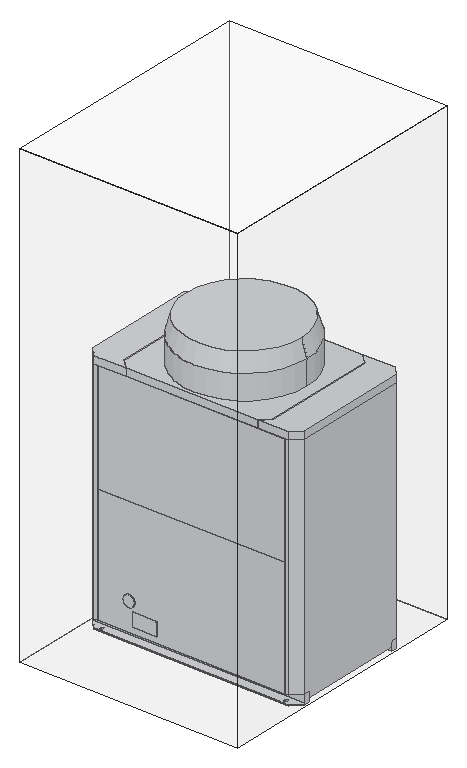
Revit family "pury-rp224_850(s)cmg4_50Hz", category 機械設備, Revit 2019
Family settings
  丸型コネクタ寸法 = 直径を使用
  パーツ タイプ = 標準
  OmniClass 番号 = 23.75.10.24.21.27.27
  OmniClass タイトル = Split System Air Conditioning Units
  作業面ベース = いいえ
  常に垂直 = はい
  ロード時にボイドで切り取り = いいえ
  共有 = いいえ
  部屋計算ポイント = いいえ
Parameters (values of type "PURY-RP224CMG4")
  音響パワーレベル(dB) = 79.5
  電源種別 = ""
  電源径 = 65 mm  # constant formula
  電圧 = 200 V
  電動機出力_送風機 = 0.92 kW
  電動機出力_圧縮機 = 5.4 kW
  集中コントローラ [instance] = ""
  運転質量 = 0.00 kg
  運転方法 = "冷暖切替"
  質量 = 0.00 kg
  負荷分類 = 1_熱源類
  説明 = "ビル用マルチエアコン 室外ユニット リプレースマルチR2 Eeco"
  設計暖房能力 [instance] = 0 kW
  設計冷房能力_顕熱 [instance] = 0 kW
  設計冷房能力 [instance] = 0 kW
  設置方法 = "床置形"
  記号 [instance] = ""
  製造元 = "三菱電機株式会社"
  製品質量 = 270.00 kg
  製品出荷対象 = "国内"
  製品リリース年月 = "2016年6月1日"
  製品グループ = ""
  系統 [instance] = ""
  符号 = "EHP"
  積算_科目 = "1 空気調和設備"
  積算_拾い区分 [instance] = ""
  相 = 3
  盤記号 [instance] = ""
  発停方法 = "付属スイッチ"
  特殊仕様 [instance] = ""
  消費電力_暖房 = 6.44 kW
  消費電力_冷房 = 5.74 kW
  消費電力 = if(消費電力_冷房 > 消費電力_暖房, 消費電力_冷房, 消費電力_暖房)  # 6.44 kW
  法定耐用年数 = "15"
  機械基礎質量 [instance] = 0.00 kg
  機械基礎_W = 0 mm
  機械基礎_H = 0 mm
  機械基礎_D = 0 mm
  機械基礎 [instance] = no
  極数 = 3
  材質 [instance] = ""
  本体マテリアル = none
  最小電線太さ_mm2 = 8
  最大電流値 = 0 A
  暖房能力 = 25 kW
  推奨ブレーカー容量 = 40 A
  形式 = "マルチパッケージ形 室外機"
  幹線記号 [instance] = ""
  始動方式 = "直入"
  呼称 = "マルチパッケージ形空気調和機"
  周波数 = 50 Hz
  参照している仕様書等のバージョン = "公共建築工事標準仕様書（機械設備工事編）平成31年度版"
  分類コード = "50053003300020"
  分類グループ = ""
  冷房能力 = 22.4 kW
  冷媒管長 [instance] = 0 mm
  冷媒管径符号 = "Eg"
  冷媒管径 = 100 mm  # constant formula
  冷媒液管径 = 19.05 mm
  冷媒ガス管径 = 25.4 mm
  価格 = 0
  企業コード = "108420"
  付属品 [instance] = ""
  仕様書バージョン = "Version1.0"
  ユニット数 = 1
  ユニット2電源高さ = ユニット1電源高さ  # 217 mm
  ユニット2電源幅 = ユニット1電源幅  # 251 mm
  ユニット2ダクト左位置 = ユニット1ダクト左位置  # 271 mm
  ユニット2ダクト下位置 = ユニット1ダクト下位置  # 90 mm
  ユニット2冷媒高圧径 = 19.05 mm
  ユニット2冷媒管高さ = ユニット1冷媒管高さ  # 261 mm
  ユニット2冷媒管幅 = ユニット1冷媒管幅  # 342.5 mm
  ユニット2冷媒管奥行き = ユニット1冷媒管奥行き  # 145 mm
  ユニット2冷媒低圧径 = 25.4 mm
  ユニット2表示 = no
  ユニット1電源高さ = 217 mm  # constant formula
  ユニット1電源幅 = 251 mm  # constant formula
  ユニット1ダクト左位置 = 271 mm  # constant formula
  ユニット1ダクト下位置 = 90 mm  # constant formula
  ユニット1冷媒高圧径 = 19.05 mm
  ユニット1冷媒管高さ = 261 mm  # constant formula
  ユニット1冷媒管幅 = 342.5 mm  # constant formula
  ユニット1冷媒管奥行き = 145 mm  # constant formula
  ユニット1冷媒低圧径 = 25.4 mm
  モデル = "PURY-RP224CMG4"
  ダクト高 = 77 mm  # constant formula
  ダクト幅 = 140 mm  # constant formula
  サービススペース_タイプA = yes
  サービススペース = yes
  ユニット間隔 = if(サービススペース_タイプA, 30 mm, 100 mm)  # 30 mm
  コメント [instance] = ""
  Keynote = ""
  Width = 1220 mm
  Version = ""
  Uniclass2015Version = "Systems v1.9"
  Uniclass2015Title = "Split coil remote air cooled condensing units"
  Uniclass2015Code = "Pr_70_65_03_84"
  URL = "https://www.mitsubishielectric.co.jp/ldg/wink/ssl/displayProduct.do?pid=266864"
  SpecificationReference = ""
  SpecificationDescription = ""
  S_W = if(ユニット2表示, Width * 2 + Clearance Left + Clearance Right + ユニット間隔, Width + Clearance Left + Clearance Right)  # 1250 mm
  Revision = ""
  ProductInformation = ""
  OmniClassCode = "23-33 17 13 11"
  IfcTypeProduct = ""
  IfcProduct = ""
  IfcExportType = "AIRCONDITIONINGUNIT"
  IfcExportAs = "IfcUnitaryEquipmentType"
  Height = 1650 mm
  Depth = 760 mm
  Clearance Top = if(サービススペース_タイプA, 1000 mm, 1000 mm)  # 1000 mm
  Clearance Right = if(サービススペース_タイプA, 15 mm, 50 mm)  # 15 mm
  Clearance Left = if(サービススペース_タイプA, 15 mm, 50 mm)  # 15 mm
  Clearance Front = if(サービススペース_タイプA, 450 mm, 450 mm)  # 450 mm
  Clearance Back = if(サービススペース_タイプA, 300 mm, 100 mm)  # 300 mm
  COP = 0
  Author = "三菱電機株式会社"
  APF = 0
Types (17, lengths in mm): name | 音響パワーレベル(dB) | 電動機出力_送風機 | 電動機出力_圧縮機 | 製品質量 | 消費電力_暖房 | 消費電力_冷房 | 消費電力 | 最小電線太さ_mm2 | 暖房能力 | 推奨ブレーカー容量 | 呼称 | 冷房能力 | 冷媒管径符号 | 冷媒液管径 | 冷媒ガス管径 | ユニット数 | ユニット2冷媒低圧径 | ユニット2表示 | ユニット1冷媒高圧径 | ユニット1冷媒低圧径 | モデル | URL | S_W
  PURY-RP224CMG4 | 79.5 | 0.92 kW | 5.4 kW | 270.00 kg | 6.44 kW | 5.74 kW | 6.44 kW | 8 | 25 kW | 40 A | "マルチパッケージ形空気調和機" | 22.4 kW | "Eg" | 19.05 | 25.4 | 1 | 25.4 | no | 19.05 | 25.4 | "PURY-RP224CMG4" | "https://www.mitsubishielectric.co.jp/ldg/wink/ssl/displayProduct.do?pid=266864" | 1250
  PURY-RP280CMG4 | 80.5 | 0.92 kW | 6.8 kW | 285.00 kg | 8.04 kW | 7.85 kW | 8.04 kW | 14 | 31.5 kW | 50 A | "マルチパッケージ形空気調和機_室外機" | 28 kW | "Eh" | 19.05 | 28.58 | 1 | 28.58 | no | 19.05 | 28.58 | "PURY-RP280CMG4" | "https://www.mitsubishielectric.co.jp/ldg/wink/ssl/displayProduct.do?pid=266644" | 1250
  PURY-RP335CMG4 | 82.5 | 0.92 kW | 7.8 kW | 285.00 kg | 9.68 kW | 8.88 kW | 9.68 kW | 22 | 37.5 kW | 60 A | "マルチパッケージ形空気調和機_室外機" | 33.5 kW | "Eh" | 19.05 | 28.58 | 1 | 28.58 | no | 19.05 | 28.58 | "PURY-RP335CMG4" | "https://www.mitsubishielectric.co.jp/ldg/wink/ssl/displayProduct.do?pid=266647" | 1250
  PURY-RP400CMG4 | 83.5 | 0.92 kW | 9.9 kW | 290.00 kg | 12.74 kW | 13.2 kW | 13.2 kW | 22 | 45 kW | 60 A | "マルチパッケージ形空気調和機_室外機" | 40 kW | "Eh" | 19.05 | 28.58 | 1 | 28.58 | no | 19.05 | 28.58 | "PURY-RP400CMG4" | "https://www.mitsubishielectric.co.jp/ldg/wink/ssl/displayProduct.do?pid=266689" | 1250
  PURY-RP450SCMG4 | 82.5 | 1.84 kW | 10.8 kW | 550.00 kg | 12.88 kW | 11.87 kW | 12.88 kW | 22 | 50 kW | 0 A | "マルチパッケージ形空気調和機_室外機" | 45 kW | "Gi" | 25.4 | 31.75 | 2 | 25.4 | yes | 19.05 | 25.4 | "PURY-RP450SCMG4" | "https://www.mitsubishielectric.co.jp/ldg/wink/ssl/displayProduct.do?pid=266648" | 2500
  PURY-RP500SCMG4 | 83 | 1.84 kW | 12.2 kW | 565.00 kg | 14.35 kW | 13.66 kW | 14.35 kW | 38 | 56 kW | 0 A | "マルチパッケージ形空気調和機_室外機" | 50 kW | "Gk" | 25.4 | 38.1 | 2 | 25.4 | yes | 19.05 | 25.4 | "PURY-RP500SCMG4" | "https://www.mitsubishielectric.co.jp/ldg/wink/ssl/displayProduct.do?pid=266695" | 2500
  PURY-RP560SCMG4 | 83.5 | 1.84 kW | 13.6 kW | 580.00 kg | 16.11 kW | 16.09 kW | 16.11 kW | 38 | 63 kW | 0 A | "マルチパッケージ形空気調和機_室外機" | 56 kW | "Gk" | 25.4 | 38.1 | 2 | 28.58 | yes | 19.05 | 28.58 | "PURY-RP560SCMG4" | "https://www.mitsubishielectric.co.jp/ldg/wink/ssl/displayProduct.do?pid=266698" | 2500
  PURY-RP630SCMG4 | 84.5 | 1.84 kW | 14.6 kW | 580.00 kg | 17.73 kW | 17.5 kW | 17.73 kW | 38 | 69 kW | 0 A | "マルチパッケージ形空気調和機_室外機" | 63 kW | "Gk" | 25.4 | 38.1 | 2 | 28.58 | yes | 19.05 | 28.58 | "PURY-RP630SCMG4" | "https://www.mitsubishielectric.co.jp/ldg/wink/ssl/displayProduct.do?pid=266701" | 2500
  PURY-RP690SCMG4 | 85.5 | 1.84 kW | 15.6 kW | 580.00 kg | 19.76 kW | 18.69 kW | 19.76 kW | 60 | 76.5 kW | 0 A | "マルチパッケージ形空気調和機_室外機" | 69 kW | "Gk" | 25.4 | 38.1 | 2 | 28.58 | yes | 19.05 | 28.58 | "PURY-RP690SCMG4" | "https://www.mitsubishielectric.co.jp/ldg/wink/ssl/displayProduct.do?pid=266704" | 2500
  PURY-RP730SCMG4 | 86 | 1.84 kW | 17.7 kW | 580.00 kg | 22.39 kW | 22.32 kW | 22.39 kW | 60 | 81.5 kW | 0 A | "マルチパッケージ形空気調和機_室外機" | 73 kW | "Gm" | 25.4 | 44.45 | 2 | 28.58 | yes | 19.05 | 28.58 | "PURY-RP730SCMG4" | "https://www.mitsubishielectric.co.jp/ldg/wink/ssl/displayProduct.do?pid=266707" | 2500
  PURY-RP800SCMG4 | 86.5 | 1.84 kW | 19.8 kW | 580.00 kg | 24.92 kW | 26.75 kW | 26.75 kW | 60 | 88 kW | 0 A | "マルチパッケージ形空気調和機_室外機" | 80 kW | "Hm" | 28.58 | 44.45 | 2 | 28.58 | yes | 19.05 | 28.58 | "PURY-RP800SCMG4" | "https://www.mitsubishielectric.co.jp/ldg/wink/ssl/displayProduct.do?pid=266710" | 2500
  PURY-RP850SCMG4 | 87 | 1.84 kW | 20.1 kW | 580.00 kg | 26.98 kW | 28.91 kW | 28.91 kW | 100 | 95 kW | 0 A | "マルチパッケージ形空気調和機_室外機" | 85 kW | "Hm" | 28.58 | 44.45 | 2 | 28.58 | yes | 22.2 | 28.58 | "PURY-RP850SCMG4" | "https://www.mitsubishielectric.co.jp/ldg/wink/ssl/displayProduct.do?pid=266713" | 2500
  PURY-RP224SCMG4 | 79.5 | 0.92 kW | 5.4 kW | 270.00 kg | 6.44 kW | 5.74 kW | 6.44 kW | 8 | 25 kW | 40 A | "マルチパッケージ形空気調和機_室外機" | 22.4 kW | "Eg" | 19.05 | 25.4 | 1 | 25.4 | no | 19.05 | 28.58 | "PURY-RP224SCMG4" | "https://www.mitsubishielectric.co.jp/ldg/wink/ssl/displayProduct.do?pid=266716" | 1250
  PURY-RP280SCMG4 | 80.5 | 0.92 kW | 6.8 kW | 285.00 kg | 8.04 kW | 7.85 kW | 8.04 kW | 14 | 31.5 kW | 50 A | "マルチパッケージ形空気調和機_室外機" | 28 kW | "Eh" | 19.05 | 28.58 | 1 | 28.58 | no | 19.05 | 28.58 | "PURY-RP280SCMG4" | "https://www.mitsubishielectric.co.jp/ldg/wink/ssl/displayProduct.do?pid=266719" | 1250
  PURY-RP335SCMG4 | 82.5 | 0.92 kW | 7.8 kW | 285.00 kg | 9.68 kW | 8.88 kW | 9.68 kW | 22 | 37.5 kW | 60 A | "マルチパッケージ形空気調和機_室外機" | 33.5 kW | "Eh" | 19.05 | 28.58 | 1 | 28.58 | no | 19.05 | 28.58 | "PURY-RP335SCMG4" | "https://www.mitsubishielectric.co.jp/ldg/wink/ssl/displayProduct.do?pid=266638" | 1250
  PURY-RP400SCMG4 | 83.5 | 0.92 kW | 9.9 kW | 290.00 kg | 12.74 kW | 13.2 kW | 13.2 kW | 22 | 45 kW | 60 A | "マルチパッケージ形空気調和機_室外機" | 40 kW | "Eh" | 19.05 | 28.58 | 1 | 28.58 | no | 19.05 | 28.58 | "PURY-RP400SCMG4" | "https://www.mitsubishielectric.co.jp/ldg/wink/ssl/displayProduct.do?pid=266641" | 1250
  PURY-RP450KCMG4 | 82.5 | 0.92 kW | 5.4 kW | 550.00 kg | 12.88 kW | 11.87 kW | 12.88 kW | 22 | 50 kW | 0 A | "マルチパッケージ形空気調和機_室外機" | 45 kW | "Gi" | 25.4 | 31.75 | 2 | 28.58 | no | 22.2 | 28.58 | "PURY-RP450KCMG4" | "https://www.mitsubishielectric.co.jp/ldg/wink/ssl/displayProduct.do?pid=266648" | 1250
Reference planes
  plane 1: z = 0
  plane 2: z = 1650
  plane 3: z = 2650
  plane 4 "中心(正面/背面)": y = 380
  plane 5 "中心(左/右)": x = 1860
  plane 6 "左": x = 0
  plane 7 "正面": y = 0
  plane 8 "背面": y = 760
  plane 9: x = 1220
  plane 10: x = 1250
  plane 11: x = 2470
  plane 12: y = 1060
  plane 13: y = -450
  plane 14: x = -15
  plane 15: x = 1235
  plane 16: x = 610
  plane 17: x = 1220
Dimensions and locks
  "Clearance Top": plane 3 to plane 2
  equal spacing: plane 7 "正面", plane 4 "中心(正面/背面)", plane 8 "背面"
  "Width": plane 6 "左" to plane 9
  "Width": plane 10 to plane 11
  "ユニット間隔": plane 9 to plane 10
  "Clearance Back": plane 12 to plane 8 "背面"
  "Clearance Front": plane 13 to plane 7 "正面"
  "Clearance Left": plane 14 to plane 6 "左"
  "Depth": plane 7 "正面" to plane 8 "背面"
  equal spacing: plane 6 "左", plane 16, plane 9
  equal spacing: plane 10, plane 5 "中心(左/右)", plane 11
  "Height": plane 2 to level
  "Clearance Right": plane 17 to plane 15
  "S_W": plane 14 to plane 15
  aligned and locked: level to plane 1
  aligned and locked: plane 16 to nested 1
  aligned and locked: plane 4 "中心(正面/背面)" to nested 1
  aligned and locked: plane 5 "中心(左/右)" to nested 2
  aligned and locked: plane 4 "中心(正面/背面)" to nested 2
  aligned and locked: plane 15 to nested 3
  aligned and locked: nested 3 to plane 13
  aligned and locked: plane 14 to nested 3
  aligned and locked: nested 3 to plane 12
  aligned and locked: plane 3 to nested 3
Nested families
  nested 1: "PURY-RP-CMG" at (610, 380, 0), マテリアル1 <- "本体マテリアル", ①-H <- "ユニット1ダクト下位置", ①-W <- "ユニット1ダクト左位置", ①配管用-H <- "ダクト高", ①配管用-W <- "ダクト幅", 冷媒径 <- "冷媒管径", 高圧径 <- "ユニット1冷媒高圧径", 低圧径 <- "ユニット1冷媒低圧径", 電源径 <- "電源径", 電源-W <- "ユニット1電源幅", 電源-H <- "ユニット1電源高さ", type "PURY-RP-CMG"
    with 高圧径 19.05 mm, 高圧-W 301 mm, 高圧-H 261 mm, 高圧-D 145 mm, 高 1650 mm, 電源径 65 mm, 電源-W 251 mm, 電源-H 217 mm, 表示 yes, 幅 1220 mm, 奥行 760 mm, 吊りボルト径 14 mm, 吊りボルト-W 1060 mm, 吊りボルト-D 724 mm, 冷媒径 100 mm, 低圧径 25.4 mm, 低圧-W 83 mm, 低圧-H 263 mm, 低圧-D 145 mm, マテリアル2 none, マテリアル1 none, ドレン径 200 mm, ドレン-W 200 mm, ドレン-H 200 mm, ドレン-D 200 mm, ①配管用-W 140 mm, ①配管用-H 77 mm, ①-W 271 mm, ①-H 90 mm
  nested 2: "PURY-RP-CMG" at (1860, 380, 0), 表示 <- "ユニット2表示", マテリアル1 <- "本体マテリアル", ①-H <- "ユニット2ダクト下位置", ①-W <- "ユニット2ダクト左位置", ①配管用-H <- "ダクト高", ①配管用-W <- "ダクト幅", 冷媒径 <- "冷媒管径", 高圧径 <- "ユニット2冷媒高圧径", 低圧径 <- "ユニット1冷媒低圧径", 電源径 <- "電源径", 電源-W <- "ユニット2電源幅", 電源-H <- "ユニット2電源高さ", type "PURY-RP-CMG"
    with 高圧径 19.05 mm, 高圧-W 301 mm, 高圧-H 261 mm, 高圧-D 145 mm, 高 1650 mm, 電源径 65 mm, 電源-W 251 mm, 電源-H 217 mm, 表示 no, 幅 1220 mm, 奥行 760 mm, 吊りボルト径 14 mm, 吊りボルト-W 1060 mm, 吊りボルト-D 724 mm, 冷媒径 100 mm, 低圧径 25.4 mm, 低圧-W 83 mm, 低圧-H 263 mm, 低圧-D 145 mm, マテリアル2 none, マテリアル1 none, ドレン径 200 mm, ドレン-W 200 mm, ドレン-H 200 mm, ドレン-D 200 mm, ①配管用-W 140 mm, ①配管用-H 77 mm, ①-W 271 mm, ①-H 90 mm
  nested 3: "サービススペース" at (610, 305, 1325), visible <- "サービススペース", type "サービススペース"
    with Width 1250 mm, Height 2650 mm, Depth 1510 mm
Connectors
  hvac at (1591, -1, 128.5), driven by "ダクト高", driven by "ダクト幅"
    settings: on nested 2, index 1, duct flow 0.0 L/s, flow factor 0, pres drop 0.0 Pa, loss coef 0, conn angle 0.00°, conn width 140 mm, conn height 77 mm, conn diameter 609.6 mm, duct sys type 3, conn prof type 1, flow config 1, flow direction 2, loss method 4, conn ref index -1, conn util no, is conn primary yes, conn desc ""
  hvac at (341, -1, 128.5), driven by "ダクト高", driven by "ダクト幅"
    settings: on nested 1, index 2, duct flow 0.0 L/s, flow factor 0, pres drop 0.0 Pa, loss coef 0, conn angle 0.00°, conn width 140 mm, conn height 77 mm, conn diameter 609.6 mm, duct sys type 3, conn prof type 1, flow config 1, flow direction 2, loss method 4, conn ref index -1, conn util no, is conn primary no, conn desc ""
  electrical at (251, -1, 217), driven by "極数", driven by "負荷分類", driven by "電圧", driven by "消費電力"
    settings: on nested 1, index 3, voltage 200 V, apparent load 6440 VA, apparent load phase1 0 VA, apparent load phase2 0 VA, apparent load phase3 0 VA, power factor 1, load classification "1_熱源類", number of poles 3, system type 30, power factor state 1, is connector primary yes, connector utility no, sub classification motor no, connector description ""
  electrical at (1501, -1, 217), driven by "極数", driven by "負荷分類", driven by "電圧", driven by "消費電力"
    settings: on nested 2, index 4, voltage 200 V, apparent load 6440 VA, apparent load phase1 0 VA, apparent load phase2 0 VA, apparent load phase3 0 VA, power factor 1, load classification "1_熱源類", number of poles 3, system type 30, power factor state 1, is connector primary no, connector utility no, sub classification motor no, connector description ""
  piping at (1592.5, 145, 261), diameter 100, driven by "冷媒管径", driven by "冷媒管径符号"
    settings: on nested 2, index 5, connector inside diameter 609.6 mm, connector length 0 mm, flow factor 0, pipe flow 0.0 L/s, pressure drop 0.0 Pa, fitting loss kfactor 0, connector angle 0.00°, fixture units 0, engagement length 0 mm, angle of deflection 0.00°, flow configuration 1, flow direction 2, fitting loss method 4, system type 7, joint type 0, gender type 0, connector reference index -1, connector utility 0, adjustable connector no, is connector primary yes, connector description "Eg"
  piping at (342.5, 145, 261), diameter 100, driven by "冷媒管径", driven by "冷媒管径符号"
    settings: on nested 1, index 6, connector inside diameter 609.6 mm, connector length 0 mm, flow factor 0, pipe flow 0.0 L/s, pressure drop 0.0 Pa, fitting loss kfactor 0, connector angle 0.00°, fixture units 0, engagement length 0 mm, angle of deflection 0.00°, flow configuration 1, flow direction 2, fitting loss method 4, system type 7, joint type 0, gender type 0, connector reference index -1, connector utility 0, adjustable connector no, is connector primary no, connector description "Eg"
Definition of nested family "PURY-RP-CMG"
  Parameters (values of type "PURY-RP-CMG")
    高圧径 [instance] = 19.05 mm
    高圧-W [instance] = 301 mm
    高圧-H [instance] = 261 mm
    高圧-D [instance] = 145 mm
    高 [instance] = 1650 mm
    電源径 [instance] = 65 mm
    電源-W [instance] = 251 mm
    電源-H [instance] = 217 mm
    表示 [instance] = yes
    幅 [instance] = 1220 mm
    奥行 [instance] = 760 mm
    吊りボルト径 [instance] = 14 mm
    吊りボルト-W [instance] = 1060 mm
    吊りボルト-D [instance] = 724 mm
    冷媒径 [instance] = 100 mm
    低圧径 [instance] = 25.4 mm
    低圧-W [instance] = 83 mm
    低圧-H [instance] = 263 mm
    低圧-D [instance] = 145 mm
    マテリアル2 [instance] = none
    マテリアル1 [instance] = none
    ドレン径 [instance] = 200 mm
    ドレン-W [instance] = 200 mm
    ドレン-H [instance] = 200 mm
    ドレン-D [instance] = 200 mm
    ①配管用-W [instance] = 140 mm
    ①配管用-H [instance] = 77 mm
    ①-W [instance] = 271 mm
    ①-H [instance] = 90 mm
  Reference planes
    plane 1 "中心(正面/背面)": y = 0
    plane 2: z = 0
    plane 3 "中心(左/右)": x = 0
    plane 4: x = 610
    plane 5: x = -610
    plane 6: y = 380
    plane 7: y = -380
    plane 8: z = 1650
    plane 9: z = 732
    plane 10: z = 1410
    plane 11: z = 54
    plane 12: y = 362
    plane 13: y = -362
    plane 14: x = 530
    plane 15: x = -530
    plane 16: y = 300
    plane 17: y = -300
    plane 18: z = 90
    plane 19: x = -339
    plane 20: x = -359
    plane 21: z = 217
    plane 22: y = -235
    plane 23: x = -226
    plane 24: x = -309
    plane 25: z = 261
    plane 26: z = 361
    plane 27: z = 1370
    plane 28: z = 1550
    plane 29: z = 363
    plane 30: z = 263
    plane 31: x = -267.5
    plane 32: z = 20
    plane 33: y = -381
    plane 34: x = -199
    plane 35: z = 167
  Forms (mm)
    Extrusion 1, solid, material <- "マテリアル1", visible <- "表示", detail levels fine
      sketch origin (0, 0, 0) x (1, 0, 0) y (0, 1, 0)
        loop
          circle (-309, -235) r 9.525
      from 261 to 361
    Extrusion 2, solid, material <- "マテリアル1", visible <- "表示", detail levels fine
      sketch origin (0, 0, 0) x (1, 0, 0) y (0, 1, 0)
        loop
          line (-560, 380) -> (-610, 330) -> (-610, -330) -> (-560, -380) -> (-540, -380) -> (-540, 380) -> (-560, 380)
        loop
          line (560, -380) -> (610, -330) -> (610, 330) -> (560, 380) -> (540, 380) -> (540, -380) -> (560, -380)
      from 54 to 1370
    Extrusion 3, solid, material <- "マテリアル1", visible <- "表示", detail levels fine
      sketch origin (0, 0, 0) x (1, 0, 0) y (0, 1, 0)
        loop
          line (-610, 330) -> (-610, -330) -> (-560, -380) -> (-380, -380) -> (-430, -330) -> (-430, 330) -> (-380, 380) -> (-560, 380) -> (-610, 330)
        loop
          line (560, -380) -> (610, -330) -> (610, 330) -> (560, 380) -> (380, 380) -> (430, 330) -> (430, -330) -> (380, -380) -> (560, -380)
      from 1370 to 1410
    Extrusion 4, solid, material <- "マテリアル1", visible <- "表示", detail levels fine
      sketch origin (0, 0, 0) x (1, 0, 0) y (0, 1, 0)
        loop
          line (-430, -330) -> (-380, -380) -> (380, -380) -> (430, -330) -> (430, 330) -> (380, 380) -> (-380, 380) -> (-430, 330) -> (-430, -330)
      from 1370 to 1410
    Extrusion 5, solid, material <- "マテリアル1", visible <- "表示", detail levels fine
      sketch origin (-1437.329, -1524, 1410) x (-1, 0, 0) y (0, -1, 0)
        loop
          circle (-1437.329, -1524) r 360
      from 0 to 140
    Blend 6, solid, material <- "マテリアル1", visible <- "表示", detail levels fine
      base sketch origin (-1437.329, -1524, 1550) x (-1, 0, 0) y (0, -1, 0)
        loop
          circle (-1437.329, -1524) r 360
      top sketch origin (-1437.329, -1524, 1550) x (-1, 0, 0) y (0, -1, 0)
        loop
          circle (-1437.329, -1524) r 330
      from 0 to 100
    Extrusion 7, solid, material <- "マテリアル1", visible <- "表示", detail levels fine
      sketch origin (0, 0, -400) x (1, 0, 0) y (0, 1, 0)
        loop
          line (-540, -380) -> (540, -380) -> (540, 380) -> (-540, 380) -> (-540, -380)
      from 1132 to 1770
    Extrusion 8, solid, material <- "マテリアル1", visible <- "表示", detail levels fine
      sketch origin (0, 0, -800) x (1, 0, 0) y (0, 1, 0)
        loop
          line (-540, -380) -> (540, -380) -> (540, 380) -> (-540, 380) -> (-540, -380)
      from 854 to 1532
    Extrusion 9, solid, material <- "マテリアル1", visible <- "表示", detail levels fine
      sketch origin (0, 0, 0) x (1, 0, 0) y (0, 1, 0)
        loop
          line (-560, 380) -> (-610, 330) -> (-610, 300) -> (610, 300) -> (610, 330) -> (560, 380) -> (-560, 380)
        loop
          arc (537, 365) -> (530, 372) -> (523, 365) r 7
          line (523, 365) -> (523, 359)
          arc (523, 359) -> (530, 352) -> (537, 359) r 7
          line (537, 359) -> (537, 365)
        loop
          line (-560, -380) -> (560, -380) -> (610, -330) -> (610, -300) -> (-610, -300) -> (-610, -330) -> (-560, -380)
        loop
          line (537, -365) -> (537, -359)
          arc (537, -359) -> (530, -352) -> (523, -359) r 7
          line (523, -359) -> (523, -365)
          arc (523, -365) -> (530, -372) -> (537, -365) r 7
        loop
          line (-537, 365) -> (-537, 359)
          arc (-537, 359) -> (-530, 352) -> (-523, 359) r 7
          line (-523, 359) -> (-523, 365)
          arc (-523, 365) -> (-530, 372) -> (-537, 365) r 7
        loop
          arc (-537, -365) -> (-530, -372) -> (-523, -365) r 7
          line (-523, -365) -> (-523, -359)
          arc (-523, -359) -> (-530, -352) -> (-537, -359) r 7
          line (-537, -359) -> (-537, -365)
      from 0 to 5
    Extrusion 10, solid, material <- "マテリアル1", visible <- "表示", detail levels fine
      sketch origin (0, 0, 0) x (1, 0, 0) y (0, 1, 0)
        loop
          line (610, 300) -> (610, 325) -> (-610, 325) -> (-610, 300) -> (610, 300)
        loop
          line (610, -300) -> (-610, -300) -> (-610, -325) -> (610, -325) -> (610, -300)
      from 5 to 54
    Extrusion 11, solid, material <- "マテリアル1", visible <- "表示", detail levels fine
      sketch origin (0, 0, 0) x (0, 1, 0) y (0, 0, 1)
        loop
          line (-300, 54) -> (-300, 20) -> (300, 20) -> (300, 54) -> (-300, 54)
      from -610 to 610
    Extrusion 12, solid, material <- "マテリアル1", visible <- "表示", detail levels fine
      sketch origin (0, 0, 0) x (1, 0, 0) y (0, 1, 0)
        loop
          circle (-226, -235) r 12.7
      from 263 to 363
    Extrusion 13, solid, material <- "マテリアル1", visible <- "表示", detail levels fine
      sketch origin (-1437.329, -1524, 1650) x (-1, 0, 0) y (0, -1, 0)
        loop
          circle (-1169.829, -1289) r 50
      from -1389 to -1289
    Extrusion 14, solid, material <- "マテリアル1", visible <- "表示", detail levels fine
      sketch origin (0, 0, 0) x (1, 0, 0) y (0, 0, 1)
        loop
          circle (-359, 217) r 32.5
      from 380 to 381
    Extrusion 15, solid, material <- "マテリアル1", visible <- "表示", detail levels fine
      sketch origin (0, 0, 0) x (1, 0, 0) y (0, 0, 1)
        loop
          line (-199, 167) -> (-339, 167) -> (-339, 90) -> (-199, 90) -> (-199, 167)
      from 380 to 381
  Cuts and joins
    joined: Extrusion 2, Extrusion 11
    joined: Extrusion 9, Extrusion 10
  Lines and regions (mm)
    Masking region 1, visible <- "表示", detail levels coarse+medium
      outline origin (0, 0, 0) x (1, 0, 0) y (0, 1, 0)
        loop
          line (-560, 380) -> (-610, 330) -> (-610, -330) -> (-560, -380) -> (560, -380) -> (610, -330) -> (610, 330) -> (560, 380) -> (-560, 380)
    symbolic lines, visible <- "表示"
      curve 1: line (-560, 380, 0) -> (560, 380, 0)
      curve 2: line (-610, -330, 0) -> (-610, 330, 0)
      curve 3: line (560, -380, 0) -> (-560, -380, 0)
      curve 4: line (610, 330, 0) -> (610, -330, 0)
      curve 5: line (-560, 380, 0) -> (-610, 330, 0)
      curve 6: line (610, 330, 0) -> (560, 380, 0)
      curve 7: line (560, -380, 0) -> (610, -330, 0)
      curve 8: line (-610, -330, 0) -> (-560, -380, 0)
      curve 154: arc (-360, 0, 1650) -> (0, -360, 1650) -> (360, 0, 1650) r 360
      curve 155: arc (360, 0, 1650) -> (0, 360, 1650) -> (-360, 0, 1650) r 360
      curve 156: line (-430, 330, 1650) -> (-430, -330, 1650)
      curve 157: line (-430, -330, 1650) -> (-380, -380, 1650)
      curve 158: line (380, -380, 1650) -> (430, -330, 1650)
      curve 159: line (430, -330, 1650) -> (430, 330, 1650)
      curve 160: line (430, 330, 1650) -> (380, 380, 1650)
      curve 161: line (-380, 380, 1650) -> (-430, 330, 1650)
    model lines, visible <- "表示", detail levels fine
      curve 9: circle (0, 0, 1650) r 66 normal (0, 0, 1)
      curve 10: circle (0, 0, 1650) r 132 normal (0, 0, 1)
      curve 11: circle (0, 0, 1650) r 198 normal (0, 0, 1)
      curve 12: circle (0, 0, 1650) r 264 normal (0, 0, 1)
      curve 13: line (66, 0, 1650) -> (330, 0, 1650)
      curve 14: line (-66, 0, 1650) -> (-330, 0, 1650)
      curve 15: line (0, 66, 1650) -> (0, 330, 1650)
      curve 16: line (0, -66, 1650) -> (0, -330, 1650)
      curve 17: line (46.669, -46.669, 1650) -> (233.345, -233.345, 1650)
      curve 18: line (63.751, -17.082, 1650) -> (318.756, -85.41, 1650)
      curve 19: line (57.158, -33, 1650) -> (285.788, -165, 1650)
      curve 20: line (17.082, -63.751, 1650) -> (85.41, -318.756, 1650)
      curve 21: line (33, -57.158, 1650) -> (165, -285.788, 1650)
      curve 22: line (46.669, 46.669, 1650) -> (233.345, 233.345, 1650)
      curve 23: line (63.751, 17.082, 1650) -> (318.756, 85.41, 1650)
      curve 24: line (57.158, 33, 1650) -> (285.788, 165, 1650)
      curve 25: line (17.082, 63.751, 1650) -> (85.41, 318.756, 1650)
      curve 26: line (33, 57.158, 1650) -> (165, 285.788, 1650)
      curve 27: line (-46.669, 46.669, 1650) -> (-233.345, 233.345, 1650)
      curve 28: line (-63.751, 17.082, 1650) -> (-318.756, 85.41, 1650)
      curve 29: line (-57.158, 33, 1650) -> (-285.788, 165, 1650)
      curve 30: line (-17.082, 63.751, 1650) -> (-85.41, 318.756, 1650)
      curve 31: line (-33, 57.158, 1650) -> (-165, 285.788, 1650)
      curve 32: line (-46.669, -46.669, 1650) -> (-233.345, -233.345, 1650)
      curve 33: line (-63.751, -17.082, 1650) -> (-318.756, -85.41, 1650)
      curve 34: line (-57.158, -33, 1650) -> (-285.788, -165, 1650)
      curve 35: line (-17.082, -63.751, 1650) -> (-85.41, -318.756, 1650)
      curve 36: line (-33, -57.158, 1650) -> (-165, -285.788, 1650)
      curve 37: line (330, 0, 1650) -> (360, 0, 1550)
      curve 38: line (-330, 0, 1650) -> (-360, 0, 1550)
      curve 39: line (318.756, 85.41, 1650) -> (347.733, 93.175, 1550)
      curve 40: line (285.788, 165, 1650) -> (311.769, 180, 1550)
      curve 41: line (233.345, 233.345, 1650) -> (254.558, 254.558, 1550)
      curve 42: line (165, 285.788, 1650) -> (180, 311.769, 1550)
      curve 43: line (85.41, 318.756, 1650) -> (93.175, 347.733, 1550)
      curve 44: line (0, 330, 1650) -> (0, 360, 1550)
      curve 45: line (-85.41, 318.756, 1650) -> (-93.175, 347.733, 1550)
      curve 46: line (-165, 285.788, 1650) -> (-180, 311.769, 1550)
      curve 47: line (-233.345, 233.345, 1650) -> (-254.558, 254.558, 1550)
      curve 48: line (-285.788, 165, 1650) -> (-311.769, 180, 1550)
      curve 49: line (-318.756, 85.41, 1650) -> (-347.733, 93.175, 1550)
      curve 50: line (-330, 0, 1650) -> (-360, 0, 1550)
      curve 51: line (-318.756, -85.41, 1650) -> (-347.733, -93.175, 1550)
      curve 52: line (-285.788, -165, 1650) -> (-311.769, -180, 1550)
      curve 53: line (-233.345, -233.345, 1650) -> (-254.558, -254.558, 1550)
      curve 54: line (-165, -285.788, 1650) -> (-180, -311.769, 1550)
      curve 55: line (-85.41, -318.756, 1650) -> (-93.175, -347.733, 1550)
      curve 56: line (0, -330, 1650) -> (0, -360, 1550)
      curve 57: line (85.41, -318.756, 1650) -> (93.175, -347.733, 1550)
      curve 58: line (165, -285.788, 1650) -> (180, -311.769, 1550)
      curve 59: line (233.345, -233.345, 1650) -> (254.558, -254.558, 1550)
      curve 60: line (285.788, -165, 1650) -> (311.769, -180, 1550)
      curve 61: line (318.756, -85.41, 1650) -> (347.733, -93.175, 1550)
      curve 115: line (-610, 300, 1370) -> (-610, 300, 54)
      curve 116: line (-610, 150, 54) -> (-610, 150, 1254)
      curve 117: line (-610, 0, 54) -> (-610, 0, 1254)
      curve 118: line (-610, -150, 20) -> (-610, -150, 1370)
      curve 119: line (-610, -150, 204) -> (-610, 300, 204)
      curve 120: line (-610, -150, 354) -> (-610, 300, 354)
      curve 121: line (-610, -150, 504) -> (-610, 300, 504)
      curve 122: line (-610, -150, 654) -> (-610, 300, 654)
      curve 123: line (-610, -150, 804) -> (-610, 300, 804)
      curve 124: line (-610, -150, 954) -> (-610, 300, 954)
      curve 125: line (-610, -150, 1104) -> (-610, 300, 1104)
      curve 126: line (-610, -150, 1254) -> (-610, 300, 1254)
      curve 127: line (-610, 300, 54) -> (-610, -150, 54)
      curve 141: line (610, 300, 1370) -> (610, 300, 54)
      curve 142: line (610, 150, 54) -> (610, 150, 1254)
      curve 143: line (610, 0, 54) -> (610, 0, 1254)
      curve 144: line (610, -150, 20) -> (610, -150, 1370)
      curve 145: line (610, -150, 204) -> (610, 300, 204)
      curve 146: line (610, -150, 354) -> (610, 300, 354)
      curve 147: line (610, -150, 504) -> (610, 300, 504)
      curve 148: line (610, -150, 654) -> (610, 300, 654)
      curve 149: line (610, -150, 804) -> (610, 300, 804)
      curve 150: line (610, -150, 954) -> (610, 300, 954)
      curve 151: line (610, -150, 1104) -> (610, 300, 1104)
      curve 152: line (610, -150, 1254) -> (610, 300, 1254)
      curve 153: line (610, 300, 54) -> (610, -150, 54)
    model lines, visible <- "表示", not visible, detail levels fine
      curve 62: circle (0, 0, 1650) r 66 normal (0, 0, 1)
      curve 63: circle (0, 0, 1650) r 132 normal (0, 0, 1)
      curve 64: circle (0, 0, 1650) r 198 normal (0, 0, 1)
      curve 65: circle (0, 0, 1650) r 264 normal (0, 0, 1)
      curve 66: line (66, 0, 1650) -> (330, 0, 1650)
      curve 67: line (-66, 0, 1650) -> (-330, 0, 1650)
      curve 68: line (0, 66, 1650) -> (0, 330, 1650)
      curve 69: line (0, -66, 1650) -> (0, -330, 1650)
      curve 70: line (46.669, -46.669, 1650) -> (233.345, -233.345, 1650)
      curve 71: line (63.751, -17.082, 1650) -> (318.756, -85.41, 1650)
      curve 72: line (57.158, -33, 1650) -> (285.788, -165, 1650)
      curve 73: line (17.082, -63.751, 1650) -> (85.41, -318.756, 1650)
      curve 74: line (33, -57.158, 1650) -> (165, -285.788, 1650)
      curve 75: line (46.669, 46.669, 1650) -> (233.345, 233.345, 1650)
      curve 76: line (63.751, 17.082, 1650) -> (318.756, 85.41, 1650)
      curve 77: line (57.158, 33, 1650) -> (285.788, 165, 1650)
      curve 78: line (17.082, 63.751, 1650) -> (85.41, 318.756, 1650)
      curve 79: line (33, 57.158, 1650) -> (165, 285.788, 1650)
      curve 80: line (-46.669, 46.669, 1650) -> (-233.345, 233.345, 1650)
      curve 81: line (-63.751, 17.082, 1650) -> (-318.756, 85.41, 1650)
      curve 82: line (-57.158, 33, 1650) -> (-285.788, 165, 1650)
      curve 83: line (-17.082, 63.751, 1650) -> (-85.41, 318.756, 1650)
      curve 84: line (-33, 57.158, 1650) -> (-165, 285.788, 1650)
      curve 85: line (-46.669, -46.669, 1650) -> (-233.345, -233.345, 1650)
      curve 86: line (-63.751, -17.082, 1650) -> (-318.756, -85.41, 1650)
      curve 87: line (-57.158, -33, 1650) -> (-285.788, -165, 1650)
      curve 88: line (-17.082, -63.751, 1650) -> (-85.41, -318.756, 1650)
      curve 89: line (-33, -57.158, 1650) -> (-165, -285.788, 1650)
      curve 90: line (330, 0, 1650) -> (360, 0, 1550)
      curve 91: line (-330, 0, 1650) -> (-360, 0, 1550)
      curve 92: line (318.756, 85.41, 1650) -> (347.733, 93.175, 1550)
      curve 93: line (285.788, 165, 1650) -> (311.769, 180, 1550)
      curve 94: line (233.345, 233.345, 1650) -> (254.558, 254.558, 1550)
      curve 95: line (165, 285.788, 1650) -> (180, 311.769, 1550)
      curve 96: line (85.41, 318.756, 1650) -> (93.175, 347.733, 1550)
      curve 97: line (0, 330, 1650) -> (0, 360, 1550)
      curve 98: line (-85.41, 318.756, 1650) -> (-93.175, 347.733, 1550)
      curve 99: line (-165, 285.788, 1650) -> (-180, 311.769, 1550)
      curve 100: line (-233.345, 233.345, 1650) -> (-254.558, 254.558, 1550)
      curve 101: line (-285.788, 165, 1650) -> (-311.769, 180, 1550)
      curve 102: line (-318.756, 85.41, 1650) -> (-347.733, 93.175, 1550)
      curve 103: line (-330, 0, 1650) -> (-360, 0, 1550)
      curve 104: line (-318.756, -85.41, 1650) -> (-347.733, -93.175, 1550)
      curve 105: line (-285.788, -165, 1650) -> (-311.769, -180, 1550)
      curve 106: line (-233.345, -233.345, 1650) -> (-254.558, -254.558, 1550)
      curve 107: line (-165, -285.788, 1650) -> (-180, -311.769, 1550)
      curve 108: line (-85.41, -318.756, 1650) -> (-93.175, -347.733, 1550)
      curve 109: line (0, -330, 1650) -> (0, -360, 1550)
      curve 110: line (85.41, -318.756, 1650) -> (93.175, -347.733, 1550)
      curve 111: line (165, -285.788, 1650) -> (180, -311.769, 1550)
      curve 112: line (233.345, -233.345, 1650) -> (254.558, -254.558, 1550)
      curve 113: line (285.788, -165, 1650) -> (311.769, -180, 1550)
      curve 114: line (318.756, -85.41, 1650) -> (347.733, -93.175, 1550)
      curve 128: line (-610, 300, 1370) -> (-610, 300, 54)
      curve 129: line (-610, 150, 54) -> (-610, 150, 1254)
      curve 130: line (-610, 0, 54) -> (-610, 0, 1254)
      curve 131: line (-610, -150, 20) -> (-610, -150, 1370)
      curve 132: line (-610, -150, 204) -> (-610, 300, 204)
      curve 133: line (-610, -150, 354) -> (-610, 300, 354)
      curve 134: line (-610, -150, 504) -> (-610, 300, 504)
      curve 135: line (-610, -150, 654) -> (-610, 300, 654)
      curve 136: line (-610, -150, 804) -> (-610, 300, 804)
      curve 137: line (-610, -150, 954) -> (-610, 300, 954)
      curve 138: line (-610, -150, 1104) -> (-610, 300, 1104)
      curve 139: line (-610, -150, 1254) -> (-610, 300, 1254)
      curve 140: line (-610, 300, 54) -> (-610, -150, 54)
  Dimensions and locks
    "高": plane 8 to level
    equal spacing: plane 7, plane 1 "中心(正面/背面)", plane 6
    "奥行": plane 7 to plane 6
    equal spacing: plane 5, plane 3 "中心(左/右)", plane 4
    "幅": plane 5 to plane 4
    locked: plane 8 to plane 10 at 240
    locked: plane 11 to level at 54
    equal spacing: plane 13, plane 1 "中心(正面/背面)", plane 12
    "吊りボルト-D": plane 13 to plane 12
    equal spacing: plane 15, plane 3 "中心(左/右)", plane 14
    "吊りボルト-W": plane 15 to plane 14
    locked: plane 16 to plane 6 at 80
    locked: plane 7 to plane 17 at 80
    "①-H": plane 18 to level
    "電源-H": plane 21 to level
    "高圧-D": plane 7 to plane 22
    "低圧-W": plane 23 to plane 24
    locked: plane 26 to plane 25 at 100
    "高圧-H": plane 25 to level
    locked: plane 10 to plane 27 at 40
    locked: plane 8 to plane 28 at 100
    locked: plane 10 to plane 9 at 678
    "高圧-W": plane 24 to plane 5
    "電源-W": plane 20 to plane 5
    locked: plane 29 to plane 30 at 100
    "低圧-H": plane 30 to level
    equal spacing: plane 23, plane 31, plane 24
    locked: plane 32 to level at 20
    locked: plane 33 to plane 7 at 1
    "①-W": plane 19 to plane 5
    "①配管用-H": plane 35 to plane 18
    "①配管用-W": plane 34 to plane 19
    "高圧径": diameter of Extrusion 1 sketch curve
    radius of Extrusion 5 sketch curve = 360 mm
    radius of Blend 6 sketch curve = 360 mm
    radius of Blend 6 sketch curve = 330 mm
    "低圧径": diameter of Extrusion 12 sketch curve
    "冷媒径": diameter of Extrusion 13 sketch curve
    "電源径": diameter of Extrusion 14 sketch curve
    aligned and locked: level to plane 2
    aligned and locked: plane 24 to Extrusion 1 sketch curve
    aligned and locked: plane 22 to Extrusion 1 sketch curve
    aligned and locked: Extrusion 1 to plane 25
    aligned and locked: plane 26 to Extrusion 1
    aligned and locked: plane 13 to nested 1
    aligned and locked: plane 14 to nested 1
    aligned and locked: plane 15 to nested 1
    aligned and locked: nested 1 to plane 12
    aligned and locked: Extrusion 2 sketch curve to Masking region 1  (x3)
    aligned and locked: plane 27 to Extrusion 2
    aligned and locked: Extrusion 2 to plane 11
    aligned and locked: Extrusion 3 sketch curve to Extrusion 2  (x8)
    aligned and locked: plane 7 to Extrusion 3 sketch curve
    aligned and locked: Extrusion 3 sketch curve to plane 6
    aligned and locked: plane 10 to Extrusion 3
    aligned and locked: Extrusion 3 to plane 27
    aligned and locked: Extrusion 4 sketch curve to Extrusion 3  (x6)
    aligned and locked: Extrusion 4 sketch curve to Extrusion 2  (x2)
    aligned and locked: plane 10 to Extrusion 4
    aligned and locked: Extrusion 4 to plane 27
    aligned and locked: plane 1 "中心(正面/背面)" to Extrusion 5 sketch curve
    aligned and locked: plane 3 "中心(左/右)" to Extrusion 5 sketch curve
    aligned and locked: Extrusion 5 to plane 10
    aligned and locked: plane 28 to Extrusion 5
    aligned and locked: plane 1 "中心(正面/背面)" to Blend 6 sketch curve  (x2)
    aligned and locked: plane 3 "中心(左/右)" to Blend 6 sketch curve  (x2)
    aligned and locked: Blend 6 to plane 28
    aligned and locked: plane 8 to Blend 6
    aligned and locked: plane 6 to Extrusion 2 sketch curve
    aligned and locked: Extrusion 2 sketch curve to plane 7  (x2)
    aligned and locked: plane 9 to Extrusion 8
    aligned and locked: Extrusion 8 to plane 11
    aligned and locked: Extrusion 7 to plane 9
    aligned and locked: plane 27 to Extrusion 7
    aligned and locked: Extrusion 2 to Extrusion 8 sketch curve  (x2)
    aligned and locked: Extrusion 2 to Extrusion 7 sketch curve  (x2)
    aligned and locked: Extrusion 9 sketch curve to Extrusion 3  (x4)
    aligned and locked: Extrusion 9 sketch curve to plane 6
    aligned and locked: Extrusion 9 sketch curve to plane 16
    aligned and locked: Extrusion 9 sketch curve to plane 4
    aligned and locked: Extrusion 9 sketch curve to plane 5
    aligned and locked: Extrusion 9 sketch curve to plane 17
    aligned and locked: Extrusion 9 sketch curve to plane 7
    aligned and locked: plane 4 to Extrusion 9 sketch curve
    aligned and locked: plane 5 to Extrusion 9 sketch curve
    aligned and locked: Extrusion 10 sketch curve to plane 16
    aligned and locked: Extrusion 10 sketch curve to plane 4
    aligned and locked: Extrusion 10 sketch curve to plane 5
    aligned and locked: Extrusion 10 sketch curve to plane 17
    aligned and locked: plane 5 to Extrusion 10 sketch curve
    aligned and locked: plane 4 to Extrusion 10 sketch curve
    aligned and locked: Extrusion 10 to Extrusion 9
    aligned and locked: plane 11 to Extrusion 10
    aligned and locked: Extrusion 11 sketch curve to plane 11
    aligned and locked: Extrusion 11 sketch curve to plane 17
    aligned and locked: Extrusion 11 sketch curve to plane 16
    aligned and locked: Extrusion 11 to plane 5
    aligned and locked: plane 4 to Extrusion 11
    aligned and locked: plane 23 to Extrusion 12 sketch curve
    aligned and locked: plane 22 to Extrusion 12 sketch curve
    aligned and locked: Extrusion 12 to plane 30
    aligned and locked: plane 29 to Extrusion 12
    aligned and locked: curve 5 to Extrusion 3
    aligned and locked: curve 6 to Extrusion 3
    aligned and locked: curve 7 to Extrusion 3
    aligned and locked: curve 8 to Extrusion 3
    aligned and locked: Extrusion 11 to plane 32
    aligned and locked: curve 154 to Extrusion 5
    aligned and locked: curve 155 to Extrusion 5
    aligned and locked: curve 156 to Extrusion 4
    aligned and locked: curve 157 to Extrusion 4
    aligned and locked: curve 161 to Extrusion 4
    aligned and locked: plane 22 to Extrusion 13 sketch curve
    aligned and locked: plane 31 to Extrusion 13 sketch curve
    aligned and locked: Extrusion 13 to plane 25
    aligned and locked: plane 26 to Extrusion 13
    aligned and locked: plane 20 to Extrusion 14 sketch curve
    aligned and locked: plane 21 to Extrusion 14 sketch curve
    aligned and locked: Extrusion 14 to plane 7
    aligned and locked: plane 33 to Extrusion 14
    aligned and locked: plane 35 to Extrusion 15 sketch curve
    aligned and locked: plane 34 to Extrusion 15 sketch curve
    aligned and locked: Extrusion 15 sketch curve to plane 18
    aligned and locked: Extrusion 15 sketch curve to plane 19
    aligned and locked: Extrusion 15 to plane 7
    aligned and locked: plane 33 to Extrusion 15
  Automatic sketch dimensions
    Extrusion 10 sketch curve to Extrusion 10 sketch curve = 25 mm  (x2)
    Extrusion 11 sketch curve to plane 18 = 70 mm
    Masking region 1 sketch curve to plane 5 = 0 mm
    plane 6 to Masking region 1 sketch curve = 0 mm
    plane 7 to Masking region 1 sketch curve = 0 mm
    Masking region 1 sketch curve to plane 4 = 0 mm
    Masking region 1 sketch curve to plane 15 = 30 mm  (x2)
    plane 14 to Masking region 1 sketch curve = 30 mm  (x2)
    plane 17 to Masking region 1 sketch curve = 30 mm  (x2)
    Masking region 1 sketch curve to plane 16 = 30 mm  (x2)
    Extrusion 2 sketch curve to plane 15 = 30 mm  (x2)
    Extrusion 2 sketch curve to plane 15 = 10 mm
    plane 14 to Extrusion 2 sketch curve = 10 mm
    Extrusion 2 sketch curve to Extrusion 2 sketch curve = 20 mm  (x2)
    plane 17 to Extrusion 2 sketch curve = 30 mm  (x2)
    Extrusion 2 sketch curve to plane 16 = 30 mm  (x2)
    plane 7 to Extrusion 7 sketch curve = 0 mm
    plane 6 to Extrusion 7 sketch curve = 0 mm
    plane 7 to Extrusion 8 sketch curve = 0 mm
    plane 6 to Extrusion 8 sketch curve = 0 mm
    curve 8 to plane 5 = 0 mm
    plane 6 to curve 1 = 0 mm
    plane 7 to curve 3 = 0 mm
    curve 7 to plane 4 = 0 mm
    plane 17 to Extrusion 3 sketch curve = 30 mm  (x2)
    Extrusion 3 sketch curve to plane 20 = 71 mm
    Extrusion 3 sketch curve to plane 20 = 21 mm  (x2)
    Extrusion 3 sketch curve to plane 16 = 30 mm  (x2)
    Extrusion 3 sketch curve to plane 14 = 100 mm
    Extrusion 3 sketch curve to Extrusion 3 sketch curve = 50 mm  (x2)
    Extrusion 9 sketch curve to plane 15 = 0 mm  (x2)
    Extrusion 9 sketch curve to plane 14 = 0 mm  (x2)
    Extrusion 9 sketch curve to plane 12 = 3 mm  (x2)
    Extrusion 9 sketch curve to Extrusion 9 sketch curve = 7 mm  (x2)
    Extrusion 9 sketch curve to plane 13 = 3 mm  (x2)
    Extrusion 9 sketch curve to plane 14 = 7 mm  (x2)
    plane 13 to Extrusion 9 sketch curve = 3 mm  (x2)
    plane 12 to Extrusion 9 sketch curve = 3 mm  (x2)
    plane 7 to curve 158 = 0 mm
    plane 6 to curve 160 = 0 mm
    plane 7 to curve 157 = 0 mm
    plane 6 to curve 161 = 0 mm
    plane 1 "中心(正面/背面)" to curve 154 = 0 mm  (x2)
    plane 24 to curve 159 = 739 mm
    curve 160 to plane 16 = 30 mm
    plane 17 to curve 158 = 30 mm
    plane 20 to curve 158 = 739 mm
    plane 20 to curve 160 = 739 mm
  Nested families
    nested 1: "固定点" at (-530, -362, 0), visible <- "表示", type "固定点", detail levels fine
      with W 1060 mm, D 724 mm, 中心円 14 mm
  Definition of nested family "固定点"
    Parameters (values of type "固定点")
      中心円 = 20 mm
      W [instance] = 1000 mm
      D [instance] = 1000 mm
    Reference planes
      plane 1 "中心(正面/背面)": y = 0
      plane 2: z = 0
      plane 3 "中心(左/右)": x = 0
      plane 4: x = 1000
      plane 5: y = 1000
    Lines and regions (mm)
      symbolic lines, detail levels fine
        curve 1: circle (0, 1000, 0) r 10 normal (0, 0, 1)
        curve 2: circle (0, 0, 0) r 10 normal (0, 0, 1)
        curve 3: circle (1000, 1000, 0) r 10 normal (0, 0, 1)
        curve 4: circle (1000, 0, 0) r 10 normal (0, 0, 1)
        curve 5: line (-200, 1000, 0) -> (1200, 1000, 0)
        curve 6: line (-200, 0, 0) -> (1200, 0, 0)
        curve 7: line (0, 1200, 0) -> (0, -200, 0)
        curve 8: line (1000, 1200, 0) -> (1000, -200, 0)
    Dimensions and locks
      "W": plane 3 "中心(左/右)" to plane 4
      "D": plane 1 "中心(正面/背面)" to plane 5
      "中心円": diameter of curve 1
      "中心円": diameter of curve 2
      "中心円": diameter of curve 3
      "中心円": diameter of curve 4
      aligned and locked: level to plane 2
      aligned and locked: plane 5 to curve 1
      aligned and locked: plane 3 "中心(左/右)" to curve 1
      aligned and locked: plane 3 "中心(左/右)" to curve 2
      aligned and locked: plane 1 "中心(正面/背面)" to curve 2
      aligned and locked: plane 4 to curve 3
      aligned and locked: plane 5 to curve 3
      aligned and locked: plane 1 "中心(正面/背面)" to curve 4
      aligned and locked: plane 4 to curve 4
      aligned and locked: plane 1 "中心(正面/背面)" to curve 6
      aligned and locked: curve 7 to plane 3 "中心(左/右)"
      aligned and locked: curve 8 to plane 4
    Automatic sketch dimensions
      curve 5 to plane 5 = 0 mm
      curve 6 to plane 3 "中心(左/右)" = 200 mm
      curve 5 to plane 3 "中心(左/右)" = 200 mm
      curve 4 to curve 6 = 200 mm
      curve 3 to curve 5 = 200 mm
      plane 1 "中心(正面/背面)" to curve 8 = 200 mm
      plane 1 "中心(正面/背面)" to curve 7 = 200 mm
      curve 3 to curve 8 = 200 mm
      curve 1 to curve 7 = 200 mm
Definition of nested family "サービススペース"
  Parameters (values of type "サービススペース")
    Width [instance] = 500 mm
    Height [instance] = 500 mm
    Depth [instance] = 500 mm
  Reference planes
    plane 1 "中心(正面/背面)": y = 0
    plane 2: z = 0
    plane 3 "中心(左/右)": x = 0
    plane 4: y = -250
    plane 5: x = 250
    plane 6: y = 250
    plane 7: x = -250
    plane 8: z = 250
    plane 9: z = -250
  Forms (mm)
    Extrusion 1, solid
      sketch origin (-638.939, 0, 72.39) x (1, 0, 0) y (0, 1, 0)
        loop
          line (388.939, 250) -> (388.939, -250) -> (888.939, -250) -> (888.939, 250) -> (388.939, 250)
      from -322.39 to 177.61
  Lines and regions (mm)
    symbolic lines
      curve 1: line (-250, 0, 250) -> (250, 0, 250)
      curve 2: line (-250, 0, -250) -> (-250, 0, 250)
      curve 3: line (250, 0, -250) -> (-250, 0, -250)
      curve 4: line (250, 0, 250) -> (250, 0, -250)
      curve 5: line (0, -250, 250) -> (0, 250, 250)
      curve 6: line (0, -250, -250) -> (0, -250, 250)
      curve 7: line (0, 250, -250) -> (0, -250, -250)
      curve 8: line (0, 250, 250) -> (0, 250, -250)
      curve 9: line (-250, 250, 0) -> (250, 250, 0)
      curve 10: line (-250, -250, 0) -> (-250, 250, 0)
      curve 11: line (250, -250, 0) -> (-250, -250, 0)
      curve 12: line (250, 250, 0) -> (250, -250, 0)
  Dimensions and locks
    equal spacing: plane 7, plane 3 "中心(左/右)", plane 5
    equal spacing: plane 4, plane 1 "中心(正面/背面)", plane 6
    "Depth": plane 4 to plane 6
    "Width": plane 7 to plane 5
    equal spacing: plane 8, plane 2, plane 9
    "Height": plane 8 to plane 9
    aligned and locked: plane 9 to curve 3
    aligned and locked: plane 7 to curve 2
    aligned and locked: curve 4 to plane 5
    aligned and locked: plane 5 to Extrusion 1
    aligned and locked: Extrusion 1 to plane 7
    aligned and locked: Extrusion 1 to plane 9
    aligned and locked: plane 8 to Extrusion 1
    aligned and locked: plane 9 to curve 7
  Automatic sketch dimensions
    plane 4 to Extrusion 1 sketch curve = 0 mm
    Extrusion 1 sketch curve to plane 7 = 0 mm
    Extrusion 1 sketch curve to plane 5 = 0 mm
    plane 6 to Extrusion 1 sketch curve = 0 mm
    curve 2 to plane 8 = 0 mm
    plane 4 to curve 11 = 0 mm
    curve 11 to plane 7 = 0 mm
    curve 11 to plane 5 = 0 mm
    plane 6 to curve 10 = 0 mm
    curve 7 to plane 4 = 0 mm
    curve 7 to plane 6 = 0 mm
    curve 6 to plane 8 = 0 mm
